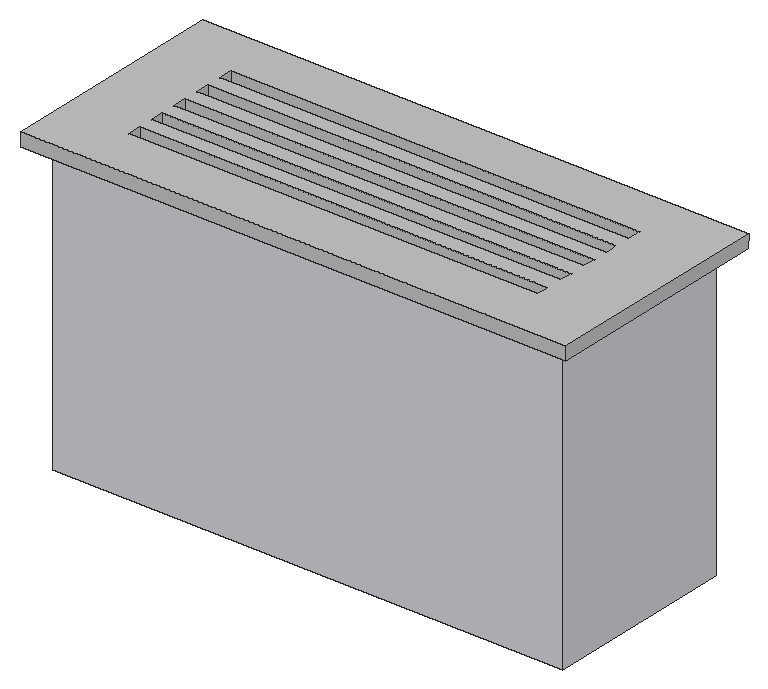
Revit family "22135_HOST_FACE", category Lighting Fixtures, host Face, Revit 2012
Parameters (values of type "Recessed Luminaires - Stainless Steel")
  Wattage = 1.68303 W
  built-in parameter 1150110 = 1 (stored number, unit not read)
  URL = "www.bega-us.com"
  built-in parameter 1114217 = 1 (stored number, unit not read)
  Tilt Angle = 90.00°
  built-in parameter 1150109 = 1 (stored number, unit not read)
  built-in parameter 1150134 = (empty or 0)
  Telephone = "805.648.0533"
  built-in parameter 1150113 = 1 (stored number, unit not read)
  Photometric Web File = "22135.IES"
  Model = "22135"
  Manufacturer = "BEGA-US"
  built-in parameter 1150105 = 19.894 (stored number, unit not read)
  Lumens = 250 lm
  built-in parameter 1150115 = 1 (stored number, unit not read)
  built-in parameter 1150137 = (empty or 0)
  built-in parameter 1150139 = (empty or 0)
  built-in parameter 1150112 = 1 (stored number, unit not read)
  built-in parameter 1150114 = 1 (stored number, unit not read)
  Lamp = "3W LED"
  built-in parameter 1150132 = 2
  built-in parameter 1150102 = (empty or 0)
  built-in parameter 1150107 = 3300 (stored number, unit not read)
  built-in parameter 1150138 = (empty or 0)
  built-in parameter 1150106 = 0.19894 (stored number, unit not read)
  built-in parameter 1150104 = 13.8 (stored number, unit not read)
  Dimming Lamp Color Temperature Shift = <None>
  Description = "Recessed wall - stainless steel with louvers"
  Default Elevation = 4' - 0"
  Color Filter = 16777215
  built-in parameter 1114218 = 1 (stored number, unit not read)
  built-in parameter 1150133 = 10 (stored number, unit not read)
Reference planes (in)
  plane 1 "Center (Front/Back)": y = 0
  plane 2: z = 0
  plane 3 "Center (Left/Right)": x = 0
Dimensions and locks (in)
  aligned and locked: plane 2 to host face
  aligned and locked: level to host face
Nested families (in)
  nested 1: "2135LED" at (0, 0, -25.90625), type "2135LED"
Connectors (in)
  electrical at (0, 0, 0)
    settings: index 1, voltage 0 V, apparent load 0 VA, apparent load phase1 0 VA, apparent load phase2 0 VA, apparent load phase3 0 VA, power factor 1, load classification "Other", number of poles 1, system type 31, power factor state 1, is connector primary yes, connector utility no, sub classification motor no, connector description ""
Definition of nested family "2135LED"
  Parameters (values of type "2135LED")
    dim_B = 0' - 3 1/8"
    dim_A = 0' - 7 1/2"
  Reference planes (in)
    plane 1 "Center (Front/Back)": y = 0
    plane 2: z = 24
    plane 3 "Center (Left/Right)": x = 0
    plane 4 "Right Faceplate": x = 3.75
    plane 5 "Left Faceplate": x = -3.75
    plane 6 "Top Faceplate": z = 25.5625
    plane 7 "Bottom Faceplate": z = 22.4375
  Forms (in)
    Extrusion 1, solid
      sketch origin (0, 0, 25.90625) x (1, 0, 0) y (0, 0, -1)
        loop
          line (0, 0) -> (3.5, 0) -> (3.5, 4) -> (-3.5, 4) -> (-3.5, 0) -> (0, 0)
      from -1.3125 to 1.3125
    Extrusion 2, void
      sketch origin (0, 0, 25.90625) x (1, 0, 0) y (0, 0, -1)
        loop
          line (0, 3.875) -> (-3.375, 3.875) -> (-3.375, 0) -> (0, 0) -> (3.375, 0) -> (3.375, 3.875) -> (0, 3.875)
      from -1.1875 to 1.1875
    Extrusion 3, solid, material "Stainless Steel"
      sketch origin (0, -24, 25.90625) x (1, 0, 0) y (0, 1, 0)
        loop
          line (-3.75, 25.5625) -> (-3.75, 22.4375) -> (3.75, 22.4375) -> (3.75, 25.5625) -> (-3.75, 25.5625)
        loop
          line (-2.8125, 24.875) -> (-2.8125, 24.6875) -> (2.8125, 24.6875) -> (2.8125, 24.875) -> (-2.8125, 24.875)
        loop
          line (2.8125, 23.125) -> (2.8125, 23.3125) -> (-2.8125, 23.3125) -> (-2.8125, 23.125) -> (2.8125, 23.125)
        loop
          line (-2.8125, 24.09375) -> (-2.8125, 23.90625) -> (2.8125, 23.90625) -> (2.8125, 24.09375) -> (-2.8125, 24.09375)
        loop
          line (-2.8125, 24.48438) -> (-2.8125, 24.29688) -> (2.8125, 24.29688) -> (2.8125, 24.48438) -> (-2.8125, 24.48438)
        loop
          line (-2.8125, 23.70313) -> (-2.8125, 23.51563) -> (2.8125, 23.51563) -> (2.8125, 23.70313) -> (-2.8125, 23.70313)
      from 0 to 0.1875
  Cuts and joins
    Extrusion 2 cuts Extrusion 1
  Dimensions and locks (in)
    "dim_A": plane 4 "Right Faceplate" to plane 5 "Left Faceplate"
    "dim_B": plane 6 "Top Faceplate" to plane 7 "Bottom Faceplate"
    aligned and locked: plane 2 to level
  Automatic sketch dimensions
    Extrusion 1 sketch curve to plane 3 "Center (Left/Right)" = 0' - 0"
    plane 5 "Left Faceplate" to Extrusion 1 sketch curve = 0' - 0 1/4"
    plane 4 "Right Faceplate" to Extrusion 1 sketch curve = 0' - 0 1/4"
    plane 6 "Top Faceplate" to Extrusion 1 sketch curve = 0' - 0 11/32"
    plane 7 "Bottom Faceplate" to Extrusion 1 sketch curve = 0' - 0 17/32"
    Extrusion 2 sketch curve to plane 3 "Center (Left/Right)" = 0' - 0"  (x2)
    plane 5 "Left Faceplate" to Extrusion 2 sketch curve = 0' - 0 3/8"
    plane 4 "Right Faceplate" to Extrusion 2 sketch curve = 0' - 0 3/8"
    plane 6 "Top Faceplate" to Extrusion 2 sketch curve = 0' - 0 11/32"
    plane 7 "Bottom Faceplate" to Extrusion 2 sketch curve = 0' - 0 13/32"
    Extrusion 3 sketch curve to plane 5 "Left Faceplate" = 0' - 0"
    Extrusion 3 sketch curve to plane 4 "Right Faceplate" = 0' - 0"
    plane 5 "Left Faceplate" to Extrusion 3 sketch curve = 0' - 0 15/16"  (x2)
    Extrusion 3 sketch curve to Extrusion 3 sketch curve = 0' - 0"  (x7)
    plane 4 "Right Faceplate" to Extrusion 3 sketch curve = 0' - 0 15/16"
    plane 1 "Center (Front/Back)" to Extrusion 3 sketch curve = 0' - 1 9/16"
    plane 1 "Center (Front/Back)" to Extrusion 3 sketch curve = 0' - 0 7/8"
    Extrusion 3 sketch curve to Extrusion 3 sketch curve = 0' - 0 3/16"  (x5)
    Extrusion 3 sketch curve to Extrusion 3 sketch curve = 0' - 0 13/64"  (x4)
    Extrusion 3 sketch curve to Extrusion 3 sketch curve = 0' - 0 11/16"
